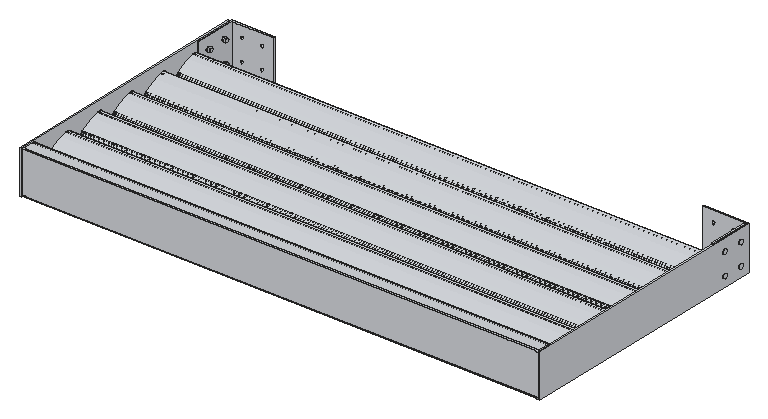
Revit family "Apollo Series", category Mechanical Equipment, Revit 2015
Parameters
  URL = "http://unitedenertech.com/catalog/pdf/C_2%20APOLLO%20SERIES.pdf"
  Type Comments = "Max. Single Section Size is (72\" Projection x 96\" Length)"
  Model = "Apollo Series Sunshade"
  Manufacturer = "United Enertech Corporation"
  Keynote = "Consult Factory for Custom Sunshade Models, different Blades, Fascia, Outriggers, and Mounting Brackets are Available."
  Height = 0' - 6"
  Exact Projection = 3' - 0"
  Exact Length = 6' - 0"
  Description = "Airfoil Blade Sunshade"
  Blade Width [instance] = Exact Length - 0' 0 1/2"  # 5' - 11 1/2"
  Blade Spacing = 0' - 5 1/2"
  Blade Number [instance] = (Exact Projection - 0' 10 1/2") / Blade Spacing  # 5
Reference planes (in)
  plane 1 "Center (Front/Back)": y = 0
  plane 2: z = 0
  plane 3 "Center (Left/Right)": x = 0
  plane 4: x = -36
  plane 5: x = 36
  plane 6: y = 36
  plane 7: x = -35.75
  plane 8: x = 35.75
  plane 9: z = 6
  plane 10: y = 7.84593
Forms (in)
  Extrusion 1, solid
    sketch origin (0, 0, 0) x (1, 0, 0) y (0, 1, 0)
      loop
        line (-36, 36) -> (-36, 0) -> (-35.75, 0) -> (-35.75, 36) -> (-36, 36)
    from 0 to 6
  Extrusion 2, solid
    sketch origin (0, 0, 0) x (-1, 0, 0) y (0, -1, 0)
      loop
        line (-36, -36) -> (-35.75, -36) -> (-35.75, 0) -> (-36, 0) -> (-36, -36)
    from 0 to 6
  Extrusion 3, solid
    sketch origin (0, 7.75, 0) x (0, 1, 0) y (0, 0, 1)
      loop
        arc (-7.75, 0.125) -> (-7.71339, 0.03661) -> (-7.625, 0) r 0.125
        line (-7.625, 0) -> (-5.875, 0)
        arc (-5.875, 0) -> (-5.78661, 0.03661) -> (-5.75, 0.125) r 0.125
        line (-5.75, 0.125) -> (-5.75, 5.875)
        arc (-5.75, 5.875) -> (-5.78661, 5.96339) -> (-5.875, 6) r 0.125
        line (-5.875, 6) -> (-7.625, 6)
        arc (-7.625, 6) -> (-7.71339, 5.96339) -> (-7.75, 5.875) r 0.125
        line (-7.75, 5.875) -> (-7.75, 0.125)
      loop
        arc (-5.875, 5.8125) -> (-5.89331, 5.85669) -> (-5.9375, 5.875) r 0.0625
        line (-5.9375, 5.875) -> (-7.5625, 5.875)
        arc (-7.5625, 5.875) -> (-7.60669, 5.85669) -> (-7.625, 5.8125) r 0.0625
        line (-7.625, 5.8125) -> (-7.625, 0.1875)
        arc (-7.625, 0.1875) -> (-7.60669, 0.14331) -> (-7.5625, 0.125) r 0.0625
        line (-7.5625, 0.125) -> (-5.9375, 0.125)
        arc (-5.9375, 0.125) -> (-5.89331, 0.14331) -> (-5.875, 0.1875) r 0.0625
        line (-5.875, 0.1875) -> (-5.875, 5.8125)
    from -35.75 to 35.75
Dimensions and locks (in)
  "Exact Length": plane 4 to plane 5
  equal spacing: plane 4, plane 3 "Center (Left/Right)", plane 5
  "Exact Projection": plane 1 "Center (Front/Back)" to plane 6
  locked: plane 8 to plane 5 at 0.25
  locked: plane 4 to plane 7 at 0.25
  "Height": plane 9 to level
  locked: plane 10 to plane 1 "Center (Front/Back)" at 7.84593
  equal spacing: group 1, group 2, group 3, group 4, group 5  (x3)
  "Blade Spacing": nested 4 to nested 3
  aligned and locked: level to plane 2
  aligned and locked: Extrusion 1 sketch curve to plane 4
  aligned and locked: Extrusion 1 sketch curve to plane 1 "Center (Front/Back)"
  aligned and locked: Extrusion 1 sketch curve to plane 7
  aligned and locked: plane 9 to Extrusion 1
  aligned and locked: Extrusion 3 to plane 7
  aligned and locked: plane 8 to Extrusion 3
  aligned and locked: nested 1 to plane 6
  aligned and locked: nested 1 to plane 7
  aligned and locked: nested 2 to plane 8
  aligned and locked: plane 6 to nested 2
  aligned and locked: plane 3 "Center (Left/Right)" to nested 3
  aligned and locked: plane 10 to nested 3
Automatic sketch dimensions
  Extrusion 1 sketch curve to plane 6 = 0' - 0"
  plane 1 "Center (Front/Back)" to Extrusion 2 sketch curve = 0' - 0"
  Extrusion 2 sketch curve to plane 5 = 0' - 0"
  Extrusion 2 sketch curve to plane 8 = 0' - 0"
  Extrusion 2 sketch curve to plane 6 = 0' - 0"
  Extrusion 3 sketch curve to plane 1 "Center (Front/Back)" = 0' - 0"
  Extrusion 3 sketch curve to level = 0' - 0"
  Extrusion 3 sketch curve to plane 9 = 0' - 0"
  level to Extrusion 3 sketch curve = 0' - 0 1/8"  (x2)
  Extrusion 3 sketch curve to plane 1 "Center (Front/Back)" = 0' - 0 1/8"
  Extrusion 3 sketch curve to Extrusion 3 sketch curve = 0' - 0"
  Extrusion 3 sketch curve to Extrusion 3 sketch curve = 0' - 0 1/16"  (x5)
  Extrusion 3 sketch curve to Extrusion 3 sketch curve = 0' - 1 5/8"  (x2)
  Extrusion 3 sketch curve to plane 9 = 0' - 0 3/16"
  Extrusion 3 sketch curve to Extrusion 3 sketch curve = 0' - 0 1/8"
Nested families (in)
  nested 1: "OB-3 Mounting Bracket" at (-21.30496, 45.43015, 0), type "OB-3 Mounting Bracket"
  nested 2: "OB-3 Mounting Bracket" at (21.30496, 45.43015, 0) x (-1, 0, 0) z (0, 0, 1), type "OB-3 Mounting Bracket"
  nested 3: "6.5 Inch Airfoil Blade" at (0, 8.69344, 0.24918), type "6.5 Inch Airfoil Blade"
    with Blade Width 5' - 11 1/2"
  nested 4: "6.5 Inch Airfoil Blade" at (0, 14.19344, 0.24918), type "6.5 Inch Airfoil Blade"
    with Blade Width 5' - 11 1/2"
  nested 5: "6.5 Inch Airfoil Blade" at (0, 19.69344, 0.24918), type "6.5 Inch Airfoil Blade"
    with Blade Width 5' - 11 1/2"
  nested 6: "6.5 Inch Airfoil Blade" at (0, 25.19344, 0.24918), type "6.5 Inch Airfoil Blade"
    with Blade Width 5' - 11 1/2"
  nested 7: "6.5 Inch Airfoil Blade" at (0, 30.69344, 0.24918), type "6.5 Inch Airfoil Blade"
    with Blade Width 5' - 11 1/2"
Definition of nested family "OB-3 Mounting Bracket"
  Reference planes (in)
    plane 1 "Center (Front/Back)": y = 0
    plane 2: z = 0
    plane 3 "Center (Left/Right)": x = 0
  Forms (in)
    Extrusion 1, solid
      sketch origin (0, 0, 0) x (1, 0, 0) y (0, 1, 0)
        loop
          line (-14.44504, -15.18015) -> (-14.19504, -15.18015) -> (-14.19504, -9.43015) -> (-8.44504, -9.43015) -> (-8.44504, -9.18015) -> (-14.44504, -9.18015) -> (-14.44504, -15.18015)
      from 0 to 6
    Extrusion 2, void
      sketch origin (0, 0, 0) x (1, 0, 0) y (0, 0, 1)
        loop
          circle (-12.69504, 4.5) r 0.21875
      from 8.63555 to 10.10152
    Extrusion 3, void
      sketch origin (2.75, 0, 0) x (1, 0, 0) y (0, 0, 1)
        loop
          circle (-12.69504, 4.5) r 0.21875
      from 8.63555 to 10.10152
    Extrusion 4, void
      sketch origin (2.75, 0, -3) x (1, 0, 0) y (0, 0, 1)
        loop
          circle (-12.69504, 4.5) r 0.21875
      from 8.63555 to 10.10152
    Extrusion 5, void
      sketch origin (0, 0, -3) x (1, 0, 0) y (0, 0, 1)
        loop
          circle (-12.69504, 4.5) r 0.21875
      from 8.63555 to 10.10152
    Extrusion 6, void
      sketch origin (-23.62519, -23.62519, 0) x (0, -1, 0) y (0, 0, -1)
        loop
          circle (-12.69504, -4.5) r 0.21875
      from 8.63555 to 10.10152
    Extrusion 7, void
      sketch origin (-23.62519, -26.37519, 0) x (0, -1, 0) y (0, 0, -1)
        loop
          circle (-12.69504, -4.5) r 0.21875
      from 8.63555 to 10.10152
    Extrusion 8, void
      sketch origin (-23.62519, -26.37519, -3) x (0, -1, 0) y (0, 0, -1)
        loop
          circle (-12.69504, -4.5) r 0.21875
      from 8.63555 to 10.10152
    Extrusion 9, void
      sketch origin (-23.62519, -23.62519, -3) x (0, -1, 0) y (0, 0, -1)
        loop
          circle (-12.69504, -4.5) r 0.21875
      from 8.63555 to 10.10152
    Extrusion 10, solid
      sketch origin (0, 6.08939, -3.04102) x (0, 1, 0) y (0, 0, 1)
        loop
          line (-17.01954, 4.2231) -> (-16.74422, 4.38206) -> (-16.74422, 4.69998) -> (-17.01954, 4.85893) -> (-17.29486, 4.69998) -> (-17.29486, 4.38206) -> (-17.01954, 4.2231)
      from -14.69504 to -14.93004
    Extrusion 11, solid
      sketch origin (0, 6.08939, -3.04102) x (0, 1, 0) y (0, 0, 1)
        loop
          circle (-17.01954, 4.54102) r 0.1865
      from -14.69504 to -13.63512
    Extrusion 12, solid
      sketch origin (0, 6.08939, -3.04102) x (0, 1, 0) y (0, 0, 1)
        loop
          line (-17.01954, 4.2231) -> (-16.74422, 4.38206) -> (-16.74422, 4.69998) -> (-17.01954, 4.85893) -> (-17.29486, 4.69998) -> (-17.29486, 4.38206) -> (-17.01954, 4.2231)
      from -13.86504 to -14.19504
    Extrusion 13, solid
      sketch origin (0, 3.33939, -3.04102) x (0, 1, 0) y (0, 0, 1)
        loop
          line (-17.01954, 4.2231) -> (-16.74422, 4.38206) -> (-16.74422, 4.69998) -> (-17.01954, 4.85893) -> (-17.29486, 4.69998) -> (-17.29486, 4.38206) -> (-17.01954, 4.2231)
      from -14.69504 to -14.93004
    Extrusion 14, solid
      sketch origin (0, 3.33939, -3.04102) x (0, 1, 0) y (0, 0, 1)
        loop
          circle (-17.01954, 4.54102) r 0.1865
      from -14.69504 to -13.63512
    Extrusion 15, solid
      sketch origin (0, 3.33939, -3.04102) x (0, 1, 0) y (0, 0, 1)
        loop
          line (-17.01954, 4.2231) -> (-16.74422, 4.38206) -> (-16.74422, 4.69998) -> (-17.01954, 4.85893) -> (-17.29486, 4.69998) -> (-17.29486, 4.38206) -> (-17.01954, 4.2231)
      from -13.86504 to -14.19504
    Extrusion 16, solid
      sketch origin (0, 6.08939, -0.04102) x (0, 1, 0) y (0, 0, 1)
        loop
          line (-17.01954, 4.2231) -> (-16.74422, 4.38206) -> (-16.74422, 4.69998) -> (-17.01954, 4.85893) -> (-17.29486, 4.69998) -> (-17.29486, 4.38206) -> (-17.01954, 4.2231)
      from -14.69504 to -14.93004
    Extrusion 17, solid
      sketch origin (0, 6.08939, -0.04102) x (0, 1, 0) y (0, 0, 1)
        loop
          circle (-17.01954, 4.54102) r 0.1865
      from -14.69504 to -13.63512
    Extrusion 18, solid
      sketch origin (0, 6.08939, -0.04102) x (0, 1, 0) y (0, 0, 1)
        loop
          line (-17.01954, 4.2231) -> (-16.74422, 4.38206) -> (-16.74422, 4.69998) -> (-17.01954, 4.85893) -> (-17.29486, 4.69998) -> (-17.29486, 4.38206) -> (-17.01954, 4.2231)
      from -13.86504 to -14.19504
    Extrusion 19, solid
      sketch origin (0, 3.33939, -0.04102) x (0, 1, 0) y (0, 0, 1)
        loop
          line (-17.01954, 4.2231) -> (-16.74422, 4.38206) -> (-16.74422, 4.69998) -> (-17.01954, 4.85893) -> (-17.29486, 4.69998) -> (-17.29486, 4.38206) -> (-17.01954, 4.2231)
      from -14.69504 to -14.93004
    Extrusion 20, solid
      sketch origin (0, 3.33939, -0.04102) x (0, 1, 0) y (0, 0, 1)
        loop
          circle (-17.01954, 4.54102) r 0.1865
      from -14.69504 to -13.63512
    Extrusion 21, solid
      sketch origin (0, 3.33939, -0.04102) x (0, 1, 0) y (0, 0, 1)
        loop
          line (-17.01954, 4.2231) -> (-16.74422, 4.38206) -> (-16.74422, 4.69998) -> (-17.01954, 4.85893) -> (-17.29486, 4.69998) -> (-17.29486, 4.38206) -> (-17.01954, 4.2231)
      from -13.86504 to -14.19504
  Cuts and joins
    Extrusion 2, Extrusion 3, Extrusion 4, Extrusion 5, Extrusion 6, Extrusion 7, Extrusion 8, Extrusion 9 cuts Extrusion 1
  Dimensions and locks (in)
    aligned and locked: level to plane 2
Definition of nested family "6.5 Inch Airfoil Blade"
  Parameters (values of type "6.5 Inch Airfoil Blade")
    Blade Width = 3' - 0"
  Reference planes (in)
    plane 1 "Center (Front/Back)": y = 0
    plane 2: z = 0
    plane 3 "Center (Left/Right)": x = 0
    plane 4: x = -18
    plane 5: x = 18
  Forms (in)
    Extrusion 1, solid
      sketch origin (0, 0, 0) x (0, 1, 0) y (0, 0, 1)
        loop
          arc (-0.91582, 4.64119) -> (-3.94821, 3.36679) -> (-6.1847, 0.95481) r 7.79304
          arc (-6.1847, 0.95481) -> (-6.18214, 0.88711) -> (-6.11939, 0.86154) r 0.06249
          arc (-6.11939, 0.86154) -> (-3.08332, 2.14146) -> (-0.84751, 4.5616) r 7.79304
          line (-0.84751, 4.5616) -> (-0.84751, 4.64119) -> (-0.91582, 4.64119)
        loop
          line (-1.2592, 4.40189) -> (-1.39939, 4.43034)
          arc (-1.39939, 4.43034) -> (-2.62121, 4.00317) -> (-3.7541, 3.37718) r 7.69205
          arc (-3.7541, 3.37718) -> (-3.66675, 3.27881) -> (-3.66503, 3.14726) r 0.18848
          line (-3.66503, 3.14726) -> (-3.75844, 3.18645)
          arc (-3.75844, 3.18645) -> (-3.89268, 3.28239) -> (-3.84844, 3.12343) r 0.08749
          line (-3.84844, 3.12343) -> (-3.84356, 3.02225)
          arc (-3.84356, 3.02225) -> (-3.96659, 3.06886) -> (-4.02916, 3.18459) r 0.18848
          arc (-4.02916, 3.18459) -> (-5.00486, 2.33412) -> (-5.82416, 1.33208) r 7.69205
          line (-5.82416, 1.33208) -> (-5.84537, 1.19062)
          arc (-5.84537, 1.19062) -> (-5.94131, 1.05638) -> (-5.78235, 1.10062) r 0.08749
          line (-5.78235, 1.10062) -> (-5.64219, 1.07114)
          arc (-5.64219, 1.07114) -> (-4.42004, 1.49834) -> (-3.28685, 2.12446) r 7.69205
          arc (-3.28685, 2.12446) -> (-3.3742, 2.22284) -> (-3.37592, 2.35439) r 0.18848
          line (-3.37592, 2.35439) -> (-3.2825, 2.31519)
          arc (-3.2825, 2.31519) -> (-3.14827, 2.21925) -> (-3.19251, 2.37821) r 0.08749
          line (-3.19251, 2.37821) -> (-3.19739, 2.47939)
          arc (-3.19739, 2.47939) -> (-3.07436, 2.43279) -> (-3.01179, 2.31706) r 0.18848
          arc (-3.01179, 2.31706) -> (-2.03586, 3.16776) -> (-1.21642, 4.1701) r 7.69205
          line (-1.21642, 4.1701) -> (-1.19618, 4.31189)
          arc (-1.19618, 4.31189) -> (-1.10025, 4.44613) -> (-1.2592, 4.40189) r 0.08749
      from -18 to 18
  Dimensions and locks (in)
    equal spacing: plane 4, plane 3 "Center (Left/Right)", plane 5
    "Blade Width": plane 4 to plane 5
    aligned and locked: level to plane 2
    aligned and locked: Extrusion 1 to plane 4
    aligned and locked: plane 5 to Extrusion 1
  Automatic sketch dimensions
    Extrusion 1 sketch curve to Extrusion 1 sketch curve = 0' - 0"  (x25)
    plane 1 "Center (Front/Back)" to Extrusion 1 sketch curve = 0' - 7.56025"
    level to Extrusion 1 sketch curve = 0' - 0.92295"
    plane 1 "Center (Front/Back)" to Extrusion 1 sketch curve = 0' - 6.13094"
    Extrusion 1 sketch curve to Extrusion 1 sketch curve = 0' - 0.26131"
    level to Extrusion 1 sketch curve = 0' - 1.19062"
    Extrusion 1 sketch curve to Extrusion 1 sketch curve = 0' - 0.02427"  (x3)
    level to Extrusion 1 sketch curve = 0' - 1.33208"
    Extrusion 1 sketch curve to Extrusion 1 sketch curve = 0' - 0.02121"
    level to Extrusion 1 sketch curve = 0' - 1.10062"
    Extrusion 1 sketch curve to Extrusion 1 sketch curve = 0' - 0.08729"
    level to Extrusion 1 sketch curve = 0' - 1.07114"
    Extrusion 1 sketch curve to Extrusion 1 sketch curve = 0' - 0.14017"
    Extrusion 1 sketch curve to Extrusion 1 sketch curve = 0' - 1.97572"
    Extrusion 1 sketch curve to Extrusion 1 sketch curve = 0' - 0.00488"
    Extrusion 1 sketch curve to Extrusion 1 sketch curve = 0' - 0.00594"  (x2)
    Extrusion 1 sketch curve to Extrusion 1 sketch curve = 0' - 0.08406"  (x2)
    Extrusion 1 sketch curve to Extrusion 1 sketch curve = 0' - 0.09342"  (x2)
    Extrusion 1 sketch curve to Extrusion 1 sketch curve = 0' - 0.46764"
    Extrusion 1 sketch curve to Extrusion 1 sketch curve = 0' - 0.08405"
    Extrusion 1 sketch curve to Extrusion 1 sketch curve = 0' - 0.08511"
    plane 1 "Center (Front/Back)" to Extrusion 1 sketch curve = 0' - 1.39939"
    Extrusion 1 sketch curve to Extrusion 1 sketch curve = 0' - 0.14019"
    Extrusion 1 sketch curve to Extrusion 1 sketch curve = 0' - 0.04278"
    Extrusion 1 sketch curve to Extrusion 1 sketch curve = 0' - 0.06302"
    Extrusion 1 sketch curve to Extrusion 1 sketch curve = 0' - 0.25609"
    Extrusion 1 sketch curve to Extrusion 1 sketch curve = 0' - 0.06831"
    Extrusion 1 sketch curve to plane 1 "Center (Front/Back)" = 0' - 0.5193"
    Extrusion 1 sketch curve to level = 0' - 3.01857"
    level to Extrusion 1 sketch curve = 0' - 2.29092"
    Extrusion 1 sketch curve to Extrusion 1 sketch curve = 0' - 0.03919"  (x2)
    Extrusion 1 sketch curve to Extrusion 1 sketch curve = 0' - 0.10119"  (x2)
    Extrusion 1 sketch curve to Extrusion 1 sketch curve = 0' - 0.66786"
    Extrusion 1 sketch curve to Extrusion 1 sketch curve = 0' - 0.02382"
    Extrusion 1 sketch curve to Extrusion 1 sketch curve = 0' - 1.6907"
    Extrusion 1 sketch curve to Extrusion 1 sketch curve = 0' - 0.1418"
    Extrusion 1 sketch curve to Extrusion 1 sketch curve = 0' - 0.02845"
    Extrusion 1 sketch curve to Extrusion 1 sketch curve = 0' - 0.16566"
    Extrusion 1 sketch curve to Extrusion 1 sketch curve = 0' - 0.07958"
    Extrusion 1 sketch curve to Extrusion 1 sketch curve = 0' - 5.33563"
